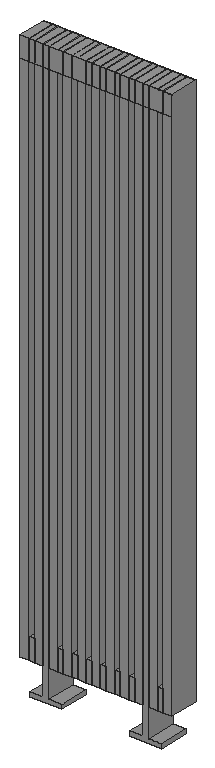
Revit family "13906 Информационный стенд «Линк» M Хоббика", category Антураж, Revit 2018
Family settings
  На основе рабочей плоскости = Нет
  Всегда вертикально = Да
  При загрузке вырезать с полостями = Нет
  Источник визуального образа = Геометрия семейства
  Общий = Нет
  Точка расчета площади = Нет
Parameters (values of type "Информационный стенд «Линк» M")
  Ширина = 104 mm  # constant formula
  Цвет отделки = Дерево
  Цвет каркаса = Сталь
  Описание = "Информационный стенд «Линк» M"  # constant formula
  Материал изделия = "Сталь, дерево"  # constant formula
  Изображение типоразмера = Информационный стенд «Линк» M Арт 13906.png
  Изготовитель = "ООО «Хоббика»"  # constant formula
  Длина = 530 mm  # constant formula
  Группа модели = "Стенды и указатели"  # constant formula
  Высота = 2062 mm  # constant formula
  Артикул товара = "Арт. 13906"  # constant formula
  URL = "https://hobbyka.ru/product/informatsionnyy_stend_link_m"
Reference planes
  plane 1 "По центру (Вперед/Назад)": y = 0
  plane 2: z = 0
  plane 3 "По центру (Влево/Вправо)": x = 0
  plane 4: x = 530
  plane 5: y = 104
  plane 6: z = 2062
Forms (mm)
  Extrusion 1, solid, material "Дерево" <- "Цвет отделки"
    sketch origin (0, -1, 0.22) x (1, 0, 0) y (0, 0, 1)
      loop
        line (30, 112.904) -> (30, 2062) -> (0, 2062) -> (0, 112.904) -> (30, 112.904)
    from -1 to -105
  Extrusion 2, solid, material "Дерево" <- "Цвет отделки"
    sketch origin (500, -1, 0.22) x (1, 0, 0) y (0, 0, 1)
      loop
        line (30, 112.904) -> (30, 2062) -> (0, 2062) -> (0, 112.904) -> (30, 112.904)
    from -1 to -105
  Extrusion 3, solid, material "Дерево" <- "Цвет отделки"
    sketch origin (50, -1, 0.22) x (1, 0, 0) y (0, 0, 1)
      loop
        line (30, 112.904) -> (30, 2062) -> (0, 2062) -> (0, 112.904) -> (30, 112.904)
    from -1 to -105
  Extrusion 4, solid, material "Дерево" <- "Цвет отделки"
    sketch origin (100, -1, 0.22) x (1, 0, 0) y (0, 0, 1)
      loop
        line (30, 112.904) -> (30, 2062) -> (0, 2062) -> (0, 112.904) -> (30, 112.904)
    from -1 to -105
  Extrusion 5, solid, material "Дерево" <- "Цвет отделки"
    sketch origin (150, -1, 0.22) x (1, 0, 0) y (0, 0, 1)
      loop
        line (30, 112.904) -> (30, 2062) -> (0, 2062) -> (0, 112.904) -> (30, 112.904)
    from -1 to -105
  Extrusion 6, solid, material "Дерево" <- "Цвет отделки"
    sketch origin (200, -1, 0.22) x (1, 0, 0) y (0, 0, 1)
      loop
        line (30, 112.904) -> (30, 2062) -> (0, 2062) -> (0, 112.904) -> (30, 112.904)
    from -1 to -105
  Extrusion 7, solid, material "Дерево" <- "Цвет отделки"
    sketch origin (250, -1, 0.22) x (1, 0, 0) y (0, 0, 1)
      loop
        line (30, 112.904) -> (30, 2062) -> (0, 2062) -> (0, 112.904) -> (30, 112.904)
    from -1 to -105
  Extrusion 8, solid, material "Дерево" <- "Цвет отделки"
    sketch origin (300, -1, 0.22) x (1, 0, 0) y (0, 0, 1)
      loop
        line (30, 112.904) -> (30, 2062) -> (0, 2062) -> (0, 112.904) -> (30, 112.904)
    from -1 to -105
  Extrusion 9, solid, material "Дерево" <- "Цвет отделки"
    sketch origin (350, -1, 0.22) x (1, 0, 0) y (0, 0, 1)
      loop
        line (30, 112.904) -> (30, 2062) -> (0, 2062) -> (0, 112.904) -> (30, 112.904)
    from -1 to -105
  Extrusion 10, solid, material "Дерево" <- "Цвет отделки"
    sketch origin (400, -1, 0.22) x (1, 0, 0) y (0, 0, 1)
      loop
        line (30, 112.904) -> (30, 2062) -> (0, 2062) -> (0, 112.904) -> (30, 112.904)
    from -1 to -105
  Extrusion 11, solid, material "Дерево" <- "Цвет отделки"
    sketch origin (450, -1, 0.22) x (1, 0, 0) y (0, 0, 1)
      loop
        line (30, 112.904) -> (30, 2062) -> (0, 2062) -> (0, 112.904) -> (30, 112.904)
    from -1 to -105
  Extrusion 12, solid, material "Сталь" <- "Цвет каркаса"
    sketch origin (0, 0, 0) x (1, 0, 0) y (0, 0, 1)
      loop
        line (80, 1992) -> (80, 15) -> (35, 15) -> (35, 0) -> (145, 0) -> (145, 15) -> (100, 15) -> (100, 1992) -> (80, 1992)
      loop
        line (430, 1992) -> (430, 15) -> (385, 15) -> (385, 0) -> (495, 0) -> (495, 15) -> (450, 15) -> (450, 1992) -> (430, 1992)
    from 0 to -104
  Extrusion 13, solid, material "Сталь" <- "Цвет каркаса"
    sketch origin (0, 0, 0) x (0, 1, 0) y (0, 0, 1)
      loop
        line (0, 1992) -> (0, 2062) -> (104, 2062) -> (104, 1992) -> (104.8, 1992) -> (104.8, 2062.8) -> (-0.8, 2062.8) -> (-0.8, 1992) -> (0, 1992)
    from 0 to 530
  Extrusion 14, solid, material "Сталь" <- "Цвет каркаса"
    sketch origin (0, 0, 60) x (0, 1, 0) y (0, 0, 1)
      loop
        line (104, 1243.722) -> (104, 1077) -> (105.5, 1077) -> (105.5, 1243.722) -> (104, 1243.722)
    from 50 to 480
  Extrusion 15, solid, material "Сталь" <- "Цвет каркаса"
    sketch origin (0, 0, 60) x (0, 1, 0) y (0, 0, 1)
      loop
        line (104, 1658.323) -> (104, 1280.371) -> (105.5, 1280.371) -> (105.5, 1658.323) -> (104, 1658.323)
    from 50 to 480
  Extrusion 16, solid, material "Сталь" <- "Цвет каркаса"
    sketch origin (0, 0, 60) x (0, 1, 0) y (0, 0, 1)
      loop
        line (104, 1865.371) -> (104, 1682) -> (105.5, 1682) -> (105.5, 1865.371) -> (104, 1865.371)
    from 250 to 480
  Extrusion 17, solid, material "Сталь" <- "Цвет каркаса"
    sketch origin (0, 0, 60) x (0, 1, 0) y (0, 0, 1)
      loop
        line (104, 1865.371) -> (104, 1682) -> (105.5, 1682) -> (105.5, 1865.371) -> (104, 1865.371)
    from 50 to 230
  Extrusion 18, solid, material "Дерево" <- "Цвет отделки"
    sketch origin (0, 0, 0) x (1, 0, 0) y (0, 0, 1)
      loop
        line (30, 2062) -> (30, 1992) -> (50, 1992) -> (50, 2062) -> (30, 2062)
      loop
        line (50, 112.904) -> (50, 187.904) -> (30, 187.904) -> (30, 112.904) -> (50, 112.904)
      loop
        line (80, 2062) -> (80, 1992) -> (100, 1992) -> (100, 2062) -> (80, 2062)
      loop
        line (130, 2062) -> (130, 1992) -> (150, 1992) -> (150, 2062) -> (130, 2062)
      loop
        line (150, 112.904) -> (150, 187.904) -> (130, 187.904) -> (130, 112.904) -> (150, 112.904)
      loop
        line (180, 2062) -> (180, 1992) -> (200, 1992) -> (200, 2062) -> (180, 2062)
      loop
        line (200, 112.904) -> (200, 187.904) -> (180, 187.904) -> (180, 112.904) -> (200, 112.904)
      loop
        line (230, 2062) -> (230, 1992) -> (250, 1992) -> (250, 2062) -> (230, 2062)
      loop
        line (250, 112.904) -> (250, 187.904) -> (230, 187.904) -> (230, 112.904) -> (250, 112.904)
      loop
        line (280, 2062) -> (280, 1992) -> (300, 1992) -> (300, 2062) -> (280, 2062)
      loop
        line (300, 112.904) -> (300, 187.904) -> (280, 187.904) -> (280, 112.904) -> (300, 112.904)
      loop
        line (330, 2062) -> (330, 1992) -> (350, 1992) -> (350, 2062) -> (330, 2062)
      loop
        line (350, 112.904) -> (350, 187.904) -> (330, 187.904) -> (330, 112.904) -> (350, 112.904)
      loop
        line (380, 2062) -> (380, 1992) -> (400, 1992) -> (400, 2062) -> (380, 2062)
      loop
        line (400, 112.904) -> (400, 187.904) -> (380, 187.904) -> (380, 112.904) -> (400, 112.904)
      loop
        line (430, 2062) -> (430, 1992) -> (450, 1992) -> (450, 2062) -> (430, 2062)
      loop
        line (480, 2062) -> (480, 1992) -> (500, 1992) -> (500, 2062) -> (480, 2062)
      loop
        line (500, 112.904) -> (500, 187.904) -> (480, 187.904) -> (480, 112.904) -> (500, 112.904)
    from 0 to -104
Dimensions and locks
  "Ширина": plane 5 to plane 1 "По центру (Вперед/Назад)"
  "Длина": plane 3 "По центру (Влево/Вправо)" to plane 4
  "Высота": plane 6 to plane 2
  plane 4 to plane 3 "По центру (Влево/Вправо)" = 530 mm
  equal spacing: group 1, group 3, group 4, group 5, group 6, group 7, group 8, group 9, group 10, group 11, group 2  (x3)
  aligned and locked: level to plane 2
Automatic sketch dimensions
  Extrusion 1 sketch curve to Extrusion 1 sketch curve = 30 mm
  Extrusion 1 sketch curve to Extrusion 1 sketch curve = 1949.096 mm
  Extrusion 2 sketch curve to Extrusion 2 sketch curve = 30 mm
  Extrusion 2 sketch curve to Extrusion 2 sketch curve = 1949.096 mm
  Extrusion 3 sketch curve to Extrusion 3 sketch curve = 30 mm
  Extrusion 3 sketch curve to Extrusion 3 sketch curve = 1949.096 mm
  Extrusion 4 sketch curve to Extrusion 4 sketch curve = 30 mm
  Extrusion 4 sketch curve to Extrusion 4 sketch curve = 1949.096 mm
  Extrusion 5 sketch curve to Extrusion 5 sketch curve = 30 mm
  Extrusion 5 sketch curve to Extrusion 5 sketch curve = 1949.096 mm
  Extrusion 6 sketch curve to Extrusion 6 sketch curve = 30 mm
  Extrusion 6 sketch curve to Extrusion 6 sketch curve = 1949.096 mm
  Extrusion 7 sketch curve to Extrusion 7 sketch curve = 30 mm
  Extrusion 7 sketch curve to Extrusion 7 sketch curve = 1949.096 mm
  Extrusion 8 sketch curve to Extrusion 8 sketch curve = 30 mm
  Extrusion 8 sketch curve to Extrusion 8 sketch curve = 1949.096 mm
  Extrusion 9 sketch curve to Extrusion 9 sketch curve = 30 mm
  Extrusion 9 sketch curve to Extrusion 9 sketch curve = 1949.096 mm
  Extrusion 10 sketch curve to Extrusion 10 sketch curve = 30 mm
  Extrusion 10 sketch curve to Extrusion 10 sketch curve = 1949.096 mm
  Extrusion 11 sketch curve to Extrusion 11 sketch curve = 30 mm
  Extrusion 11 sketch curve to Extrusion 11 sketch curve = 1949.096 mm
  Extrusion 12 sketch curve to level = 0 mm  (x2)
  level to Extrusion 12 sketch curve = 15 mm  (x4)
  plane 3 "По центру (Влево/Вправо)" to Extrusion 12 sketch curve = 35 mm
  plane 3 "По центру (Влево/Вправо)" to Extrusion 12 sketch curve = 80 mm
  Extrusion 12 sketch curve to Extrusion 12 sketch curve = 20 mm  (x2)
  Extrusion 12 sketch curve to Extrusion 12 sketch curve = 45 mm  (x2)
  Extrusion 12 sketch curve to plane 4 = 145 mm
  Extrusion 12 sketch curve to plane 4 = 35 mm
  Extrusion 12 sketch curve to plane 6 = 70 mm  (x2)
  Extrusion 14 sketch curve to plane 5 = 0 mm
  plane 5 to Extrusion 14 sketch curve = 1.5 mm
  Extrusion 14 sketch curve to plane 6 = 925 mm
  Extrusion 14 sketch curve to Extrusion 14 sketch curve = 166.722 mm
  Extrusion 15 sketch curve to plane 5 = 0 mm
  plane 5 to Extrusion 15 sketch curve = 1.5 mm
  Extrusion 15 sketch curve to plane 6 = 721.629 mm
  Extrusion 15 sketch curve to plane 6 = 343.677 mm
  Extrusion 16 sketch curve to plane 5 = 0 mm
  plane 5 to Extrusion 16 sketch curve = 1.5 mm
  Extrusion 16 sketch curve to plane 6 = 320 mm
  Extrusion 16 sketch curve to plane 6 = 136.629 mm
  Extrusion 17 sketch curve to plane 5 = 0 mm
  plane 5 to Extrusion 17 sketch curve = 1.5 mm
  Extrusion 17 sketch curve to plane 6 = 320 mm
  Extrusion 17 sketch curve to plane 6 = 136.629 mm
  Extrusion 18 sketch curve to plane 6 = 0 mm  (x10)
  plane 3 "По центру (Влево/Вправо)" to Extrusion 18 sketch curve = 30 mm  (x2)
  Extrusion 18 sketch curve to Extrusion 18 sketch curve = 20 mm  (x18)
  Extrusion 18 sketch curve to Extrusion 18 sketch curve = 30 mm  (x14)
  Extrusion 18 sketch curve to plane 6 = 70 mm  (x3)
  Extrusion 18 sketch curve to Extrusion 18 sketch curve = 0 mm  (x17)
  level to Extrusion 18 sketch curve = 187.904 mm
  Extrusion 18 sketch curve to Extrusion 18 sketch curve = 75 mm  (x5)
  Extrusion 18 sketch curve to plane 4 = 50 mm
  Extrusion 18 sketch curve to Extrusion 18 sketch curve = 80 mm
  Extrusion 13 sketch curve to plane 1 "По центру (Вперед/Назад)" = 0 mm
  Extrusion 13 sketch curve to plane 5 = 0 mm
  Extrusion 13 sketch curve to plane 6 = 0 mm
  plane 1 "По центру (Вперед/Назад)" to Extrusion 13 sketch curve = 0.8 mm
  plane 5 to Extrusion 13 sketch curve = 0.8 mm
  Extrusion 13 sketch curve to plane 6 = 70 mm
  Extrusion 13 sketch curve to Extrusion 13 sketch curve = 70 mm
  plane 6 to Extrusion 13 sketch curve = 0.8 mm
